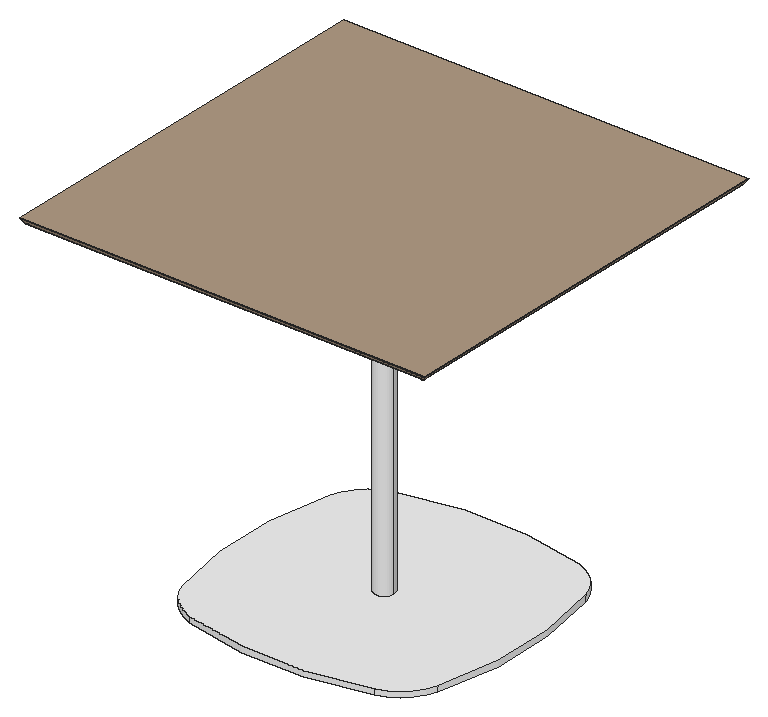
Revit family "Table-Casual-Naughtone-Ped", category Furniture, Revit 2014
Parameters (values of type "Ped Table 850mm SQ")
  WarrantyStartDate = ""
  WarrantyGuarantorParts = "sales@naughtone.com"  # constant formula
  WarrantyGuarantorLabour = "sales@naughtone.com"  # constant formula
  WarrantyDuration = 60
  Uniclass = "Pr_40_50_21"  # constant formula
  URL = "http://www.naughtone.com"
  TypeName = "850mmx850mmx750mm - Tailored Table to Suit Any Requirement"
  Top Square = yes
  Top Round = no
  Top Options = Laminate-Oak_ Red-Smooth
  TagNumber = 0
  Table Dia = 850 mm
  Sweep Offset [instance] = if(Reverse Chamfer, 0 mm, 300 mm)  # 0 mm
  SerialNumber = 0
  Reverse Chamfer [instance] = yes
  Product URL = "http://www.naughtone.com/portfolio-view/ped"  # constant formula
  Product Code = "PED-850-SQ"
  Option [instance] = if(Base 600mm, "Base 600mm", "Base 500mm")  # "Base 600mm"
  Name = "Furniture-Table-Casual-Naughtone-Ped"  # constant formula
  Model = "Ped"  # constant formula
  Manufacturer = "Naughtone"  # constant formula
  Length = Table Dia  # 850 mm
  InstallationDate = ""
  Height = 750 mm
  Features = ""
  Extidentifier = ""
  Description = "Ped Table 850 Square"
  Depth = Table Dia  # 850 mm
  Current Revision = 1  # constant formula
  Created On = "11.08.2014"  # constant formula
  Created By = "www.bimbox.co.uk"  # constant formula
  Cost = 0
  Contact Telephone Number = "+44 1423 816500"  # constant formula
  Contact Email Address = "sales@naughtone.com"  # constant formula
  COBie Description = "The Naughtone Ped table is pared down to a beautiful brushed aluminium finish and soft square shaped base. Use the Ped table wherever you need a product that performs so well you don’t even notice it. Ped is manufactured in solid aluminium. The surface has a brush finish applied before a coat of lacquer is baked on. The stem, base and table top are supplied unassembled and bolt together easily with very few fixings. The various table top options have their own unique characteristics and can be fully tailored to suit any requirement. *All dimensions quoted are rounded to the nearest 5mm or nearest 1/2 inch."  # constant formula
  Base Aluminium = Aluminum-White-Powder_Coated
  Base 600mm = yes
  Base 500mm = no
  Barcode = 0
  Author = "BIMBox"  # constant formula
  AssetIdentifier = "PED-850-SQ"
Types (10, lengths in mm): name | TypeName | Top Square | Top Round | Top Options | Table Dia | Product Code | Option | Length | Height | Description | Depth | Base Aluminium | Base 600mm | Base 500mm | AssetIdentifier
  (no name) | "850mmx850mmx750mm - Tailored Table to Suit Any Requirement" | yes | no | Laminate-Oak_ Red-Smooth | 850 | "PED-850-SQ" | "Base 600mm" | 850 | 750 | "Ped Table 850 Square" | 850 | Aluminum-White-Powder_Coated | yes | no | "PED-850-SQ"
  Ped Coffee Table | "650mmx650mmx450mm - Tailored Table to Suit Any Requirement" | no | yes | Laminate-White-Smooth | 650 | "PED-650-DIA-LO" | "Base 500mm" | 650 | 450 | "Ped Coffee Table" | 650 | Aluminum-Black-Powder_Coated | no | yes | "PED-650-DIA-LO"
  Ped Table 650mm Dia | "650mmx650mmx750mm - Tailored Table to Suit Any Requirement" | no | yes | Laminate-Oak_ Red-Smooth | 650 | "PED-650-DIA" | "Base 500mm" | 650 | 750 | "Ped Table 650 DIA" | 650 | Aluminum-White-Powder_Coated | no | yes | "PED-650-DIA"
  Ped Table 850mm Dia | "850mmx850mmx750mm - Tailored Table to Suit Any Requirement" | no | yes | Laminate-White-Smooth | 850 | "PED-850-DIA" | "Base 500mm" | 850 | 750 | "Ped Table 850 DIA" | 850 | Aluminum-Black-Powder_Coated | no | yes | "PED-850-DIA"
  Ped Table 1050mm Dia | "1050mmx1050mmx750mm - Tailored Table to Suit Any Requirement" | no | yes | Laminate-Oak_Dark-Smooth | 1050 | "PED-1050-DIA" | "Base 600mm" | 1050 | 750 | "Ped Table 1050 DIA" | 1050 | Aluminum-Black-Powder_Coated | yes | no | "PED-1050-DIA"
  Ped Poser Table | "650mmx650mmx1000mm - Tailored Table to Suit Any Requirement" | no | yes | Laminate-White-Smooth | 650 | "PED-650-DIA-HI" | "Base 600mm" | 650 | 1000 | "Ped Poser" | 650 | Aluminum-Black-Powder_Coated | yes | no | "PED-650-DIA-HI"
  Ped Coffee Table SQ | "650mmx650mmx450mm - Tailored Table to Suit Any Requirement" | yes | no | Laminate-Oak_Dark-Smooth | 650 | "PED-650-LO-SQ" | "Base 500mm" | 650 | 450 | "Ped Coffee Table Square" | 650 | Aluminum-White-Powder_Coated | no | yes | "PED-650-LO-SQ"
  Ped Table 650mm SQ | "650mmx650mmx750mm - Tailored Table to Suit Any Requirement" | yes | no | Laminate-Oak_Dark-Smooth | 650 | "PED-650-SQ" | "Base 500mm" | 650 | 750 | "Ped Table 650 Square" | 650 | Aluminum-Black-Powder_Coated | no | yes | "PED-650-SQ"
  Ped Table 850mm SQ | "850mmx850mmx750mm - Tailored Table to Suit Any Requirement" | yes | no | Laminate-Oak_ Red-Smooth | 850 | "PED-850-SQ" | "Base 600mm" | 850 | 750 | "Ped Table 850 Square" | 850 | Aluminum-White-Powder_Coated | yes | no | "PED-850-SQ"
  Ped Poser SQ | "650mmx650mmx1000mm - Tailored Table to Suit Any Requirement" | yes | no | Laminate-White-Smooth | 650 | "PED-650-HI-SQ" | "Base 600mm" | 650 | 1000 | "Ped Poser Square" | 650 | Aluminum-Black-Powder_Coated | yes | no | "PED-650-HI-SQ"
Reference planes
  plane 1 "Center (Front/Back)": y = 0
  plane 2: z = 0
  plane 3 "Center (Left/Right)": x = 0
  plane 4: y = 425
  plane 5: y = -425
  plane 6: x = 425
  plane 7: x = -425
  plane 8 "Top Top": z = 750
  plane 9 "Base top": z = 12
  plane 10 "top base": z = 738
  plane 11: y = -250
  plane 12: y = 250
  plane 13: x = -250
  plane 14: x = 250
  plane 15: y = -300
  plane 16: x = -300
  plane 17: y = 300
  plane 18: x = 300
Forms (mm)
  Extrusion 1, solid, material "Laminate-Oak_ Red-Smooth" <- "Top Options", visible <- "Top Round"
    sketch origin (0, 0, 750) x (-1, 0, 0) y (0, -1, 0)
      loop
        circle (0, 0) r 425
    from 0 to -12
  Extrusion 2, solid, material "Aluminum-White-Powder_Coated" <- "Base Aluminium"
    sketch origin (0, 0, 12) x (-1, 0, 0) y (0, -1, 0)
      loop
        circle (0, 0) r 20
      loop
        circle (0, 0) r 17.5
    from 0 to 726
  Sweep 3, void
    path in 3D
      loop
        arc (-425, 0, 750) -> (0, 425, 750) -> (425, 0, 750) r 425
        arc (425, 0, 750) -> (0, -425, 750) -> (-425, 0, 750) r 425
    profile "Reverse Chamfer Profile : Reverse Chamfer Profile" origin (0, -425, 750) x (0, -1, 0) y (0, 0, 1)
      loop
        arc (0, 0) -> (-0.293, -1.183) -> (-0.856, -2.263) r 5.119
        line (-0.856, -2.263) -> (-6.418, -11.164)
        arc (-6.418, -11.164) -> (-7.014, -11.749) -> (-7.81, -12) r 1.788
        line (-7.81, -12) -> (1.777, -12) -> (1.777, 0) -> (0, 0)
  Extrusion 4, solid, material "Laminate-Oak_ Red-Smooth" <- "Top Options", visible <- "Top Square"
    sketch origin (2085.107, 0, 738) x (1, 0, 0) y (0, 1, 0)
      loop
        line (-2510.107, 425) -> (-2510.107, -425) -> (-1660.107, -425) -> (-1660.107, 425) -> (-2510.107, 425)
    from 0 to 12
  Sweep 5, void
    path in 3D
      loop
        line (-425, -425, 750) -> (425, -425, 750) -> (425, 425, 750) -> (-425, 425, 750) -> (-425, -425, 750)
    profile "Reverse Chamfer Profile : Reverse Chamfer Profile" origin (-425, 0, 750) x (1, 0, 0) y (0, 0, 1)
      loop
        line (0, 0) -> (-1.777, 0) -> (-1.777, -12) -> (7.81, -12)
        arc (7.81, -12) -> (7.014, -11.749) -> (6.418, -11.164) r 1.788
        line (6.418, -11.164) -> (0.856, -2.263)
        arc (0.856, -2.263) -> (0.293, -1.183) -> (0, 0) r 5.119
Cuts and joins
  Sweep 3 cuts Extrusion 1
  Sweep 5 cuts Extrusion 4
Lines and regions (mm)
  sketch lines
    curve 1: arc (425, 0, 750) -> (0, -425, 750) -> (-425, 0, 750) r 425
    curve 2: arc (-425, 0, 750) -> (0, 425, 750) -> (425, 0, 750) r 425
    curve 3: line (-425, 425, 750) -> (-425, -425, 750)
    curve 4: line (425, 425, 750) -> (-425, 425, 750)
    curve 5: line (425, -425, 750) -> (425, 425, 750)
    curve 6: line (-425, -425, 750) -> (425, -425, 750)
Dimensions and locks
  equal spacing: plane 7, plane 3 "Center (Left/Right)", plane 6
  equal spacing: plane 5, plane 1 "Center (Front/Back)", plane 4
  "Length": plane 7 to plane 6
  "Depth": plane 5 to plane 4
  "Height": plane 8 "Top Top" to level
  locked: plane 8 "Top Top" to plane 10 "top base" at 12
  equal spacing: plane 13, plane 3 "Center (Left/Right)", plane 14, locked at 250 each
  equal spacing: plane 16, plane 3 "Center (Left/Right)", plane 18, locked at 300 each
  equal spacing: plane 17, plane 1 "Center (Front/Back)", plane 15, locked at 300 each
  equal spacing: plane 11, plane 1 "Center (Front/Back)", plane 12, locked at 250 each
  "Table Dia": diameter of Extrusion 1 sketch curve
  aligned and locked: level to plane 2
  aligned and locked: Extrusion 1 to plane 10 "top base"
  aligned and locked: plane 8 "Top Top" to Extrusion 1
  aligned and locked: plane 10 "top base" to Extrusion 2
  aligned and locked: plane 4 to Extrusion 4 sketch curve
  aligned and locked: plane 7 to Extrusion 4 sketch curve
  aligned and locked: Extrusion 4 sketch curve to plane 5
  aligned and locked: Extrusion 4 sketch curve to plane 6
  aligned and locked: plane 8 "Top Top" to Extrusion 4
  aligned and locked: Extrusion 4 to plane 10 "top base"
Automatic sketch dimensions
  Extrusion 2 sketch curve to Extrusion 2 sketch curve = 0 mm  (x2)
  plane 1 "Center (Front/Back)" to Extrusion 2 sketch curve = 0 mm
  Extrusion 2 sketch curve to plane 3 "Center (Left/Right)" = 0 mm
  plane 1 "Center (Front/Back)" to Extrusion 1 sketch curve = 0 mm
  Extrusion 1 sketch curve to plane 3 "Center (Left/Right)" = 0 mm
  radius of Extrusion 2 sketch curve = 20 mm
  radius of Extrusion 2 sketch curve = 17.5 mm
Nested families
  nested 1: "Table-Casual-Naughtone-Base 600" at (0, 0, 0), visible <- "Base 600mm", type "Table-Casual-Naughtone-Base 600"
    with Base Aluminium Aluminum-Black-Powder_Coated
  nested 2: "Table-Casual-Naughtone-Base 500" at (0, 0, 0), visible <- "Base 500mm", type "Table-Casual-Naughtone-Base 500"
    with Base Aluminium Aluminum-Black-Powder_Coated
Definition of nested family "Table-Casual-Naughtone-Base 600"
  Parameters (values of type "Table-Casual-Naughtone-Base 600")
    WarrantyStartDate = ""
    WarrantyGuarantorParts = "sales@naughtone.com"  # constant formula
    WarrantyGuarantorLabour = "sales@naughtone.com"  # constant formula
    WarrantyDuration = 60
    Uniclass = "Pr_40_50_21"  # constant formula
    URL = "http://www.naughtone.com"
    TypeName = ""
    Top Square = no
    Top Round = yes
    TagNumber = 0
    Table Dia = 700 mm
    SerialNumber = 0
    Product URL = "http://www.naughtone.com/portfolio-view/ped"  # constant formula
    Product Code = ""
    Option = ""
    Name = "Furniture-Table-Casual-Naughtone-Ped"  # constant formula
    Model = "Ped"  # constant formula
    Manufacturer = "Naughtone"  # constant formula
    Length = Table Dia  # 700 mm
    InstallationDate = ""
    Height = 750 mm
    Features = ""
    Extidentifier = ""
    Description = "Tailored Table to Suit Any Requirement"  # constant formula
    Depth = Table Dia  # 700 mm
    Current Revision = 1  # constant formula
    Created On = "11.08.2014"  # constant formula
    Created By = "www.bimbox.co.uk"  # constant formula
    Cost = 0
    Contact Telephone Number = "+44 1423 816500"  # constant formula
    Contact Email Address = "sales@naughtone.com"  # constant formula
    COBie Description = "The Naughtone Ped table is pared down to a beautiful brushed aluminium finish and soft square shaped base. Use the Ped table wherever you need a product that performs so well you don’t even notice it. Ped is manufactured in solid aluminium. The surface has a brush finish applied before a coat of lacquer is baked on. The stem, base and table top are supplied unassembled and bolt together easily with very few fixings. The various table top options have their own unique characteristics and can be fully tailored to suit any requirement. *All dimensions quoted are rounded to the nearest 5mm or nearest 1/2 inch."  # constant formula
    Base Aluminium [instance] = Aluminum-Black-Powder_Coated
    Base 600mm = yes
    Base 500mm = no
    Barcode = 0
    Author = "BIMBox"  # constant formula
    AssetIdentifier = ""
  Reference planes
    plane 1 "Center (Front/Back)": y = 0
    plane 2: z = 0
    plane 3 "Center (Left/Right)": x = 0
    plane 4: y = 350
    plane 5: y = -350
    plane 6: x = 350
    plane 7: x = -350
    plane 8 "Top Top": z = 750
    plane 9 "Base top": z = 12
    plane 10 "top base": z = 738
    plane 11: y = -300
    plane 12: x = -300
    plane 13: y = 300
    plane 14: x = 300
  Forms (mm)
    Extrusion 1, solid, material "Aluminum-Black-Powder_Coated" <- "Base Aluminium", visible <- "Base 600mm"
      sketch origin (0, 0, 12) x (-1, 0, 0) y (0, -1, 0)
        loop
          line (300, -300) -> (300, 300) -> (-300, 300) -> (-300, -300) -> (300, -300)
      from -12 to 0
    Extrusion 2, void
      sketch origin (0, 0, 12) x (-1, 0, 0) y (0, -1, 0)
        loop
          arc (267.981, 193.583) -> (240.44, 240.44) -> (193.583, 267.981) r 108.142
          arc (193.583, 267.981) -> (0, 295) -> (-193.583, 267.981) r 706.981
          arc (-193.583, 267.981) -> (-240.44, 240.44) -> (-267.981, 193.583) r 108.142
          arc (-267.981, 193.583) -> (-295, 0) -> (-267.981, -193.583) r 706.981
          arc (-267.981, -193.583) -> (-240.44, -240.44) -> (-193.583, -267.981) r 108.142
          arc (-193.583, -267.981) -> (0, -295) -> (193.583, -267.981) r 706.981
          arc (193.583, -267.981) -> (240.44, -240.44) -> (267.981, -193.583) r 108.142
          arc (267.981, -193.583) -> (295, 0) -> (267.981, 193.583) r 706.981
        loop
          line (305, -305) -> (305, 305) -> (-305, 305) -> (-305, -305) -> (305, -305)
      from 0 to -12
  Cuts and joins
    Extrusion 2 cuts Extrusion 1
  Dimensions and locks
    equal spacing: plane 7, plane 3 "Center (Left/Right)", plane 6
    "Height": plane 8 "Top Top" to level
    locked: plane 8 "Top Top" to plane 10 "top base" at 12
    equal spacing: plane 13, plane 1 "Center (Front/Back)", plane 11, locked at 300 each
    aligned and locked: level to plane 2
    aligned and locked: Extrusion 1 sketch curve to plane 13
    aligned and locked: Extrusion 1 sketch curve to plane 12
    aligned and locked: plane 11 to Extrusion 1 sketch curve
    aligned and locked: plane 14 to Extrusion 1 sketch curve
    aligned and locked: plane 9 "Base top" to Extrusion 1
  Automatic sketch dimensions
    plane 1 "Center (Front/Back)" to Extrusion 2 sketch curve = 0 mm  (x2)
    Extrusion 2 sketch curve to plane 3 "Center (Left/Right)" = 0 mm  (x2)
    Extrusion 2 sketch curve to plane 14 = 5 mm
    plane 6 to Extrusion 2 sketch curve = 61.981 mm
    plane 12 to Extrusion 2 sketch curve = 5 mm
    Extrusion 2 sketch curve to plane 7 = 61.981 mm
    plane 13 to Extrusion 2 sketch curve = 5 mm
    Extrusion 2 sketch curve to plane 4 = 61.981 mm
    Extrusion 2 sketch curve to plane 11 = 5 mm
    plane 5 to Extrusion 2 sketch curve = 61.981 mm
    Extrusion 2 sketch curve to Extrusion 2 sketch curve = 0 mm  (x7)
    Extrusion 2 sketch curve to plane 3 "Center (Left/Right)" = 163.972 mm  (x2)
    Extrusion 2 sketch curve to plane 1 "Center (Front/Back)" = 163.972 mm  (x2)
    plane 3 "Center (Left/Right)" to Extrusion 2 sketch curve = 163.972 mm
    plane 14 to Extrusion 2 sketch curve = 136.028 mm
    plane 1 "Center (Front/Back)" to Extrusion 2 sketch curve = 163.972 mm  (x2)
    plane 14 to Extrusion 2 sketch curve = 32.019 mm
Definition of nested family "Table-Casual-Naughtone-Base 500"
  Parameters (values of type "Table-Casual-Naughtone-Base 500")
    WarrantyStartDate = ""
    WarrantyGuarantorParts = "sales@naughtone.com"  # constant formula
    WarrantyGuarantorLabour = "sales@naughtone.com"  # constant formula
    WarrantyDuration = 60
    Uniclass = "Pr_40_50_21"  # constant formula
    URL = "http://www.naughtone.com"
    TypeName = ""
    Top Square = no
    Top Round = yes
    TagNumber = 0
    Table Dia = 700 mm
    SerialNumber = 0
    Product URL = "http://www.naughtone.com/portfolio-view/ped"  # constant formula
    Product Code = ""
    Option = ""
    Name = "Furniture-Table-Casual-Naughtone-Ped"  # constant formula
    Model = "Ped"  # constant formula
    Manufacturer = "Naughtone"  # constant formula
    Length = Table Dia  # 700 mm
    InstallationDate = ""
    Height = 750 mm
    Features = ""
    Extidentifier = ""
    Description = "Tailored Table to Suit Any Requirement"  # constant formula
    Depth = Table Dia  # 700 mm
    Current Revision = 1  # constant formula
    Created On = "11.08.2014"  # constant formula
    Created By = "www.bimbox.co.uk"  # constant formula
    Cost = 0
    Contact Telephone Number = "+44 1423 816500"  # constant formula
    Contact Email Address = "sales@naughtone.com"  # constant formula
    COBie Description = "The Naughtone Ped table is pared down to a beautiful brushed aluminium finish and soft square shaped base. Use the Ped table wherever you need a product that performs so well you don’t even notice it. Ped is manufactured in solid aluminium. The surface has a brush finish applied before a coat of lacquer is baked on. The stem, base and table top are supplied unassembled and bolt together easily with very few fixings. The various table top options have their own unique characteristics and can be fully tailored to suit any requirement. *All dimensions quoted are rounded to the nearest 5mm or nearest 1/2 inch."  # constant formula
    Base Aluminium [instance] = Aluminum-Black-Powder_Coated
    Base 600mm = no
    Base 500mm = yes
    Barcode = 0
    Author = "BIMBox"  # constant formula
    AssetIdentifier = ""
  Reference planes
    plane 1 "Center (Front/Back)": y = 0
    plane 2: z = 0
    plane 3 "Center (Left/Right)": x = 0
    plane 4: y = 350
    plane 5: y = -350
    plane 6: x = 350
    plane 7: x = -350
    plane 8 "Top Top": z = 750
    plane 9 "Base top": z = 12
    plane 10 "top base": z = 738
    plane 11: y = -250
    plane 12: y = 250
    plane 13: x = -250
    plane 14: x = 250
  Forms (mm)
    Extrusion 1, solid, material "Aluminum-Black-Powder_Coated" <- "Base Aluminium", visible <- "Base 500mm"
      sketch origin (0, 0, 12) x (-1, 0, 0) y (0, -1, 0)
        loop
          line (250, -250) -> (250, 250) -> (-250, 250) -> (-250, -250) -> (250, -250)
      from -12 to 0
    Extrusion 2, void
      sketch origin (0, 0, 12) x (-1, 0, 0) y (0, -1, 0)
        loop
          arc (-179.892, -219.892) -> (0, -245) -> (179.892, -219.892) r 656.981
          arc (179.892, -219.892) -> (205.084, -205.084) -> (219.892, -179.892) r 58.142
          arc (219.892, -179.892) -> (245, 0) -> (219.892, 179.892) r 656.981
          arc (219.892, 179.892) -> (205.084, 205.084) -> (179.892, 219.892) r 58.142
          arc (179.892, 219.892) -> (0, 245) -> (-179.892, 219.892) r 656.981
          arc (-179.892, 219.892) -> (-205.084, 205.084) -> (-219.892, 179.892) r 58.142
          arc (-219.892, 179.892) -> (-245, 0) -> (-219.892, -179.892) r 656.981
          arc (-219.892, -179.892) -> (-205.084, -205.084) -> (-179.892, -219.892) r 58.142
        loop
          line (255, -255) -> (255, 255) -> (-255, 255) -> (-255, -255) -> (255, -255)
      from 0 to -12
  Cuts and joins
    Extrusion 2 cuts Extrusion 1
  Dimensions and locks
    equal spacing: plane 7, plane 3 "Center (Left/Right)", plane 6
    "Height": plane 8 "Top Top" to level
    locked: plane 8 "Top Top" to plane 10 "top base" at 12
    equal spacing: plane 13, plane 3 "Center (Left/Right)", plane 14, locked at 250 each
    equal spacing: plane 11, plane 1 "Center (Front/Back)", plane 12, locked at 250 each
    aligned and locked: level to plane 2
    aligned and locked: plane 12 to Extrusion 1 sketch curve
    aligned and locked: Extrusion 1 sketch curve to plane 13
    aligned and locked: plane 11 to Extrusion 1 sketch curve
    aligned and locked: Extrusion 1 sketch curve to plane 14
    aligned and locked: Extrusion 1 to level
    aligned and locked: plane 9 "Base top" to Extrusion 1
    aligned and locked: Extrusion 2 to level
  Automatic sketch dimensions
    plane 1 "Center (Front/Back)" to Extrusion 2 sketch curve = 0 mm  (x2)
    Extrusion 2 sketch curve to plane 3 "Center (Left/Right)" = 0 mm  (x2)
    Extrusion 2 sketch curve to plane 14 = 86.028 mm  (x2)
    plane 14 to Extrusion 2 sketch curve = 5 mm
    plane 6 to Extrusion 2 sketch curve = 61.981 mm
    Extrusion 2 sketch curve to plane 13 = 86.028 mm  (x2)
    plane 13 to Extrusion 2 sketch curve = 5 mm
    Extrusion 2 sketch curve to plane 7 = 61.981 mm
    plane 12 to Extrusion 2 sketch curve = 86.028 mm  (x2)
    Extrusion 2 sketch curve to plane 12 = 5 mm
    Extrusion 2 sketch curve to plane 4 = 61.981 mm
    plane 11 to Extrusion 2 sketch curve = 86.028 mm  (x2)
    Extrusion 2 sketch curve to plane 11 = 5 mm
    plane 5 to Extrusion 2 sketch curve = 61.981 mm
    plane 12 to Extrusion 2 sketch curve = 30.108 mm
    plane 11 to Extrusion 2 sketch curve = 30.108 mm
    Extrusion 2 sketch curve to Extrusion 2 sketch curve = 0 mm  (x6)
